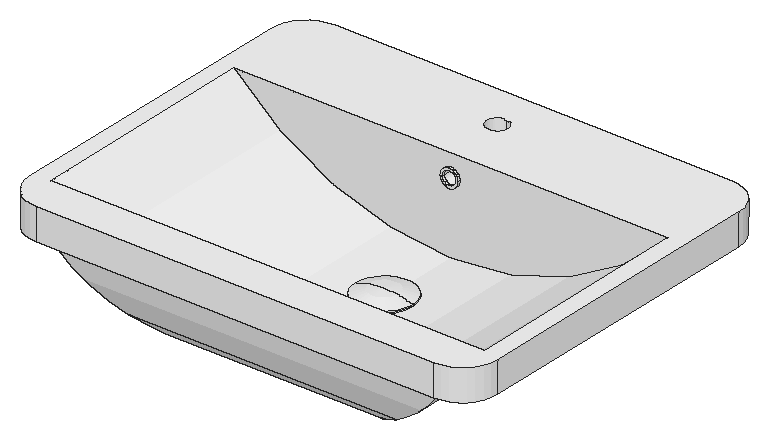
Revit family "Plum Fix_Sink_Argent_Zen drop-in 1th basin 520x410mm", category Plumbing Fixtures, Revit 2016
Family settings
  Part Type = Normal
  Round Connector Dimension = Use Diameter
  OmniClass Number = 23.45.05.14.14
  OmniClass Title = Sinks/Lavatories
  Work Plane-Based = No
  Always vertical = Yes
  Cut with Voids When Loaded = Yes
  Shared = No
  Room Calculation Point = No
Parameters (values of type "1 Tap Hole")
  Waste Connection = yes
  WFU = 0
  Vent Connection = no
  URL = "https://www.argentaust.com.au/"
  Type Comments = "1 Tap Hole"
  ModifiedIssue_ANZRS = 20190503
  Model = "FC17TUL01"
  Manufacturer_URL__Product Specific = "https://www.argentaust.com.au/argent-basins-drop-in-zen-520-drop-in-basin?item=8537"
  Manufacturer_Spec Code = Model  # "FC17TUL01"
  Manufacturer_Overall Width = 525 mm  # constant formula
  Manufacturer_Overall Height = 170 mm  # constant formula
  Manufacturer_Overall Depth = 417 mm  # constant formula
  Manufacturer_Height From FFL [instance] = 900 mm
  Manufacturer = "Argent"  # constant formula
  Keynote = ""
  HWFU = 0
  HW Connection = no
  CreatedBy_ANZRS = "IGS BIM Solutions"  # constant formula
  CreatedByURL_ANZRS = "http://www.igsgroup.com.au"
  Description = "Zen Wall Basin 1 Tap Hole"
  Cost = 0
  CWFU = 0
  CW Connection = no
  Body Material = z_Argent_Ceramic White
  Assembly Code = ""
Reference planes
  plane 1 "Center (Front/Back)": y = -120
  plane 2 "Ref. Level": z = 0
  plane 3 "Front": y = -328.5
  plane 4 "Back": y = 88.5
  plane 5 "Center of Basin": x = -4.48
  plane 6 "Left": x = -266.98
  plane 7 "Right": x = 258.02
  plane 8 "Bottom": z = 765
  plane 9 "Top": z = 935
  plane 10 "Mixer Centre": y = -26.5
  plane 11 "Left Offset": x = -237.98
  plane 12: x = 229.02
  plane 13 "Front Offset": y = -299.5
  plane 14 "Drain Top": z = 840.799
  plane 15 "Bench": z = 900
Forms (mm)
  Sweep 1, solid, material "z_Argent_Ceramic White" <- "Body Material"
    path origin (0, 0, 935) x (0, -1, 0) y (1, 0, 0)
      loop
        arc (-88.5, -226.98) -> (-76.784, -255.264) -> (-48.5, -266.98) r 40
        line (-48.5, -266.98) -> (288.5, -266.98)
        arc (288.5, -266.98) -> (316.784, -255.264) -> (328.5, -226.98) r 40
        line (328.5, -226.98) -> (328.5, 218.02)
        arc (328.5, 218.02) -> (316.784, 246.304) -> (288.5, 258.02) r 40
        line (288.5, 258.02) -> (-48.5, 258.02)
        arc (-48.5, 258.02) -> (-76.784, 246.304) -> (-88.5, 218.02) r 40
        line (-88.5, 218.02) -> (-88.5, -226.98)
    profile origin (-4.48, 88.5, 935) x (0, 1, 0) y (0, 0, 1)
      loop
        line (0, -35) -> (0, 0) -> (-15.988, 0) -> (-15.988, -10) -> (-10, -10) -> (-10, -35) -> (0, -35)
  Extrusion 2, solid, material "z_Argent_Ceramic White" <- "Body Material"
    sketch origin (0, -47.5, 0) x (1, 0, 0) y (0, 0, 1)
      loop
        line (-250.992, 935) -> (-250.992, 900) -> (242.032, 900) -> (242.032, 935) -> (-250.992, 935)
    from -120.012 to -21
  Extrusion 3, solid, material "z_Argent_Ceramic White" <- "Body Material"
    sketch origin (-266.98, 107.935, 4000) x (0, 1, 0) y (0, 0, 1)
      loop
        line (-77.05, -3065) -> (-421.84, -3065)
        arc (-421.84, -3065) -> (-388.855, -3177.697) -> (-286.36, -3235) r 155.135
        arc (-286.36, -3235) -> (-191.68, -3232.204) -> (-116.184, -3174.998) r 155.515
        arc (-116.184, -3174.998) -> (-88.474, -3122.896) -> (-77.05, -3065) r 201.459
    from 15.988 to 509.012
  Extrusion 4, void
    sketch origin (0, -328.5, 0) x (-1, 0, 0) y (0, 0, -1)
      loop
        arc (300.815, -1009.699) -> (4.48, -829.836) -> (-291.855, -1009.699) r 334.047
        line (-291.855, -1009.699) -> (300.815, -1009.699)
    from -302 to -44.655
  Extrusion 5, void
    sketch origin (0, 0, 935) x (0, -1, 0) y (1, 0, 0)
      loop
        circle (120, -4.48) r 30
    from -245.246 to 74.699
  Extrusion 6, solid, material "z_Argent_Ceramic White" <- "Body Material"
    sketch origin (0, -26.5, 0) x (-1, 0, 0) y (0, 0, -1)
      loop
        circle (4.48, -910.945) r 10
      loop
        circle (4.48, -910.945) r 7.812
    from 0 to 2.5
  Extrusion 7, void
    sketch origin (0, 4.375, 935) x (0, -1, 0) y (1, 0, 0)
      loop
        circle (-34.125, -4.48) r 12
    from 0 to -35
  Extrusion 8, void
    sketch origin (0, -328.5, 0) x (-1, 0, 0) y (0, 0, -1)
      loop
        line (240.124, -900) -> (285.992, -900) -> (285.992, -730) -> (-272.032, -730) -> (-272.032, -900) -> (-231.164, -900)
        arc (-231.164, -900) -> (-218.486, -897.145) -> (-208.254, -889.132) r 29.581
        arc (-208.254, -889.132) -> (-134.383, -830.262) -> (-42.785, -807.184) r 223.394
        arc (-42.785, -807.184) -> (-36.501, -804.683) -> (-33.246, -798.754) r 10
        line (-33.246, -798.754) -> (42.206, -798.754)
        arc (42.206, -798.754) -> (45.461, -804.683) -> (51.745, -807.184) r 10
        arc (51.745, -807.184) -> (143.343, -830.262) -> (217.214, -889.132) r 223.394
        arc (217.214, -889.132) -> (227.446, -897.145) -> (240.124, -900) r 29.581
    from -379.765 to 68.259
  Extrusion 9, void
    sketch origin (-266.98, 107.935, 4000) x (0, 1, 0) y (0, 0, 1)
      loop
        line (-19.435, -3100) -> (-81.825, -3100)
        arc (-81.825, -3100) -> (-88.749, -3123.666) -> (-98.513, -3146.309) r 201.459
        arc (-98.513, -3146.309) -> (-134.572, -3185.89) -> (-185.865, -3201.246) r 100.178
        line (-185.865, -3201.246) -> (-331.496, -3201.246)
        arc (-331.496, -3201.246) -> (-368.942, -3189.343) -> (-398.76, -3163.756) r 98.54
        arc (-398.76, -3163.756) -> (-413.651, -3133.134) -> (-421.502, -3100) r 155.135
        line (-421.502, -3100) -> (-436.435, -3100) -> (-436.435, -3230) -> (-19.435, -3230) -> (-19.435, -3100)
    from -19.388 to 573.935
  Extrusion 10, void
    sketch origin (0, -47.5, 0) x (1, 0, 0) y (0, 0, 1)
      loop
        circle (-4.48, 910.945) r 7.812
    from -73.61 to -1.906
  Extrusion 11, void
    sketch origin (-189.564, -1524, 765) x (-1, 0, 0) y (0, -1, 0)
      loop
        arc (37.416, -1602.5) -> (58.629, -1593.713) -> (67.416, -1572.5) r 30
        line (67.416, -1572.5) -> (67.416, -1235.5)
        arc (67.416, -1235.5) -> (58.629, -1214.287) -> (37.416, -1205.5) r 30
        line (37.416, -1205.5) -> (-407.584, -1205.5)
        arc (-407.584, -1205.5) -> (-428.797, -1214.287) -> (-437.584, -1235.5) r 30
        line (-437.584, -1235.5) -> (-437.584, -1572.5)
        arc (-437.584, -1572.5) -> (-428.797, -1593.713) -> (-407.584, -1602.5) r 30
        line (-407.584, -1602.5) -> (37.416, -1602.5)
    from 0 to 250
Cuts and joins
  Extrusion 4, Extrusion 7, Extrusion 10 cuts Sweep 1
  Extrusion 4, Extrusion 7, Extrusion 10 cuts Extrusion 2
  Extrusion 4, Extrusion 5, Extrusion 7, Extrusion 8, Extrusion 9, Extrusion 10 cuts Extrusion 3
  joined: Sweep 1, Extrusion 2, Extrusion 3
  Extrusion 10 cuts Extrusion 6
Lines and regions (mm)
  Masking region 1
    outline origin (0, 0, 935) x (0, -1, 0) y (1, 0, 0)
      loop
        arc (-88.5, -226.98) -> (-76.784, -255.264) -> (-48.5, -266.98) r 40
        line (-48.5, -266.98) -> (288.5, -266.98)
        arc (288.5, -266.98) -> (316.784, -255.264) -> (328.5, -226.98) r 40
        line (328.5, -226.98) -> (328.5, 218.02)
        arc (328.5, 218.02) -> (316.784, 246.304) -> (288.5, 258.02) r 40
        line (288.5, 258.02) -> (-48.5, 258.02)
        arc (-48.5, 258.02) -> (-76.784, 246.304) -> (-88.5, 218.02) r 40
        line (-88.5, 218.02) -> (-88.5, -226.98)
  Masking region 2
    outline origin (0, -328.5, 0) x (-1, 0, 0) y (0, 0, 1)
      loop
        line (266.98, 935) -> (-258.02, 935) -> (-258.02, 900) -> (-231.164, 900)
        arc (-231.164, 900) -> (-218.486, 897.145) -> (-208.254, 889.132) r 29.581
        arc (-208.254, 889.132) -> (-134.383, 830.262) -> (-42.785, 807.184) r 223.394
        arc (-42.785, 807.184) -> (-36.501, 804.683) -> (-33.246, 798.754) r 10
        line (-33.246, 798.754) -> (42.206, 798.754)
        arc (42.206, 798.754) -> (45.461, 804.683) -> (51.745, 807.184) r 10
        arc (51.745, 807.184) -> (143.343, 830.262) -> (217.214, 889.132) r 223.394
        arc (217.214, 889.132) -> (227.446, 897.145) -> (240.124, 900) r 29.581
        line (240.124, 900) -> (266.98, 900) -> (266.98, 935)
  Masking region 3
    outline origin (-266.98, 107.935, 4000) x (0, 1, 0) y (0, 0, 1)
      loop
        line (-436.435, -3100) -> (-421.502, -3100)
        arc (-421.502, -3100) -> (-413.651, -3133.134) -> (-398.76, -3163.756) r 155.135
        arc (-398.76, -3163.756) -> (-368.942, -3189.343) -> (-331.496, -3201.246) r 98.54
        line (-331.496, -3201.246) -> (-259.685, -3201.246) -> (-259.685, -3243.154) -> (-196.185, -3243.154) -> (-196.185, -3201.266) -> (-187.904, -3201.266)
        arc (-187.904, -3201.266) -> (-135.437, -3186.428) -> (-98.513, -3146.309) r 100.178
        arc (-98.513, -3146.309) -> (-88.749, -3123.666) -> (-81.825, -3100) r 201.459
        line (-81.825, -3100) -> (-19.435, -3100) -> (-19.435, -3065) -> (-436.435, -3065) -> (-436.435, -3100)
  symbolic lines, style "Sinks/Lavatories", detail levels medium+fine
    curve 1: line (-237.98, -37.5, 935) -> (-237.98, -288.5, 935)
    curve 2: line (-226.98, -299.5, 935) -> (218.02, -299.5, 935)
    curve 3: line (229.02, -288.5, 935) -> (229.02, -37.5, 935)
    curve 4: arc (218.02, -299.5, 935) -> (225.798, -296.278, 935) -> (229.02, -288.5, 935) r 11
    curve 5: arc (-237.98, -288.5, 935) -> (-234.758, -296.278, 935) -> (-226.98, -299.5, 935) r 11
    curve 6: line (-226.98, -26.5, 935) -> (218.02, -26.5, 935)
    curve 7: arc (218.02, -26.5, 935) -> (225.798, -29.722, 935) -> (229.02, -37.5, 935) r 11
    curve 8: arc (-237.98, -37.5, 935) -> (-234.758, -29.722, 935) -> (-226.98, -26.5, 935) r 11
    curve 13: line (-36.23, -328.5, 798.754) -> (27.27, -328.5, 798.754)
    curve 14: line (-266.98, 26.11, 900) -> (-266.98, -313.567, 900)
  symbolic lines, style "Sinks/Lavatories", detail levels fine
    curve 9: circle (-4.48, -120, 935) r 21.75 normal (0, 0, 1)
    curve 10: arc (-4.48, 50.5, 935) -> (-16.48, 38.5, 935) -> (-4.48, 26.5, 935) r 12
    curve 11: arc (-4.48, 26.5, 935) -> (7.52, 38.5, 935) -> (-4.48, 50.5, 935) r 12
    curve 12: line (-240.124, -328.5, 900) -> (231.164, -328.5, 900)
    curve 15: line (-266.98, -88.25, 798.734) -> (-266.98, -151.75, 798.754)
Text (mm)
  text "Disclaimer:\n\nDue to ongoing product development and manufacturing evolution, product details are subject to change without notice. Please refer to product technical data sheets on the manufacturer’s website for the most current product information. Please allow a +/- 5mm manufacturing tolerance for dimensions and set-outs shown in product literature." at (512.294, 49.919, 0), in view "Ref. Level_Instruction"
Dimensions and locks
  equal spacing: plane 3 "Front", plane 1 "Center (Front/Back)", plane 4 "Back"
  equal spacing: plane 6 "Left", plane 5 "Center of Basin", plane 7 "Right"
  "Manufacturer_Overall Depth": plane 3 "Front" to plane 4 "Back"
  "Manufacturer_Overall Width": plane 6 "Left" to plane 7 "Right"
  "Manufacturer_Overall Height": plane 9 "Top" to plane 8 "Bottom"
  plane 10 "Mixer Centre" to plane 4 "Back" = 115 mm
  "Manufacturer_Height From FFL": plane 15 "Bench" to plane 2 "Ref. Level"
  plane 9 "Top" to plane 8 "Bottom" = 170 mm
  plane 11 "Left Offset" to plane 12 = 467 mm
  Extrusion 7 sketch curve to plane 4 "Back" = 50 mm
  locked: plane 14 "Drain Top" to plane 9 "Top" at 94.201
  locked: plane 9 "Top" to plane 15 "Bench" at 35
  diameter of Extrusion 5 sketch curve = 60 mm
  aligned and locked: Sweep 1 sketch curve to plane 4 "Back"
  aligned and locked: plane 9 "Top" to Sweep 1 sketch curve
  aligned and locked: Extrusion 2 sketch curve to Sweep 1
  aligned and locked: plane 9 "Top" to Extrusion 3 sketch curve
  aligned and locked: plane 4 "Back" to Masking region 1 sketch curve
  aligned and locked: Masking region 1 sketch curve to plane 6 "Left"
  aligned and locked: plane 3 "Front" to Masking region 1 sketch curve
  aligned and locked: plane 7 "Right" to Masking region 1 sketch curve
  aligned and locked: Sweep 1 sketch curve to Masking region 1  (x4)
  aligned and locked: curve 10 to cut or joined group 1 (Sweep 1, Extrusion 2, Extrusion 3, Extrusion 4, Extrusion 5, Extrusion 7, Extrusion 8, Extrusion 9, Extrusion 10)
  aligned and locked: curve 11 to cut or joined group 1
  aligned and locked: Masking region 2 sketch curve to plane 9 "Top"
  aligned and locked: Masking region 2 sketch curve to cut or joined group 1
  aligned and locked: plane 7 "Right" to Masking region 2 sketch curve
  aligned and locked: Masking region 2 sketch curve to plane 6 "Left"
  aligned and locked: Masking region 3 sketch curve to cut or joined group 1  (x3)
  aligned and locked: Masking region 3 sketch curve to plane 4 "Back"
  aligned and locked: Masking region 3 sketch curve to plane 3 "Front"
  aligned and locked: plane 1 "Center (Front/Back)" to nested 1
  aligned and locked: plane 5 "Center of Basin" to nested 1
  aligned and locked: plane 14 "Drain Top" to nested 1
Automatic sketch dimensions
  Extrusion 2 sketch curve to plane 11 "Left Offset" = 13.012 mm
  Extrusion 2 sketch curve to plane 12 = 13.012 mm
  profile plane to Sweep 1 sketch curve = 10 mm
  Sweep 1 sketch curve to Sweep 1 sketch curve = 5.988 mm
  Sweep 1 sketch curve to plane 9 "Top" = 10 mm
  plane 12 to Extrusion 4 sketch curve = 62.835 mm
  plane 11 "Left Offset" to Extrusion 4 sketch curve = 62.835 mm
  Extrusion 4 sketch curve to plane 9 "Top" = 228.883 mm
  Extrusion 4 sketch curve to plane 9 "Top" = 74.699 mm
  Extrusion 6 sketch curve to Extrusion 6 sketch curve = 0 mm  (x2)
  Extrusion 4 to Extrusion 6 sketch curve = 98.754 mm
  Extrusion 7 sketch curve to plane 5 "Center of Basin" = 0 mm
  plane 4 "Back" to Masking region 1 sketch curve = 40 mm  (x2)
  Masking region 1 sketch curve to plane 13 "Front Offset" = 11 mm  (x2)
  plane 10 "Mixer Centre" to curve 6 = 0 mm
  curve 1 to plane 11 "Left Offset" = 0 mm
  curve 7 to plane 12 = 0 mm
  plane 1 "Center (Front/Back)" to curve 9 = 0 mm
  plane 13 "Front Offset" to curve 4 = 0 mm
  curve 9 to plane 5 "Center of Basin" = 0 mm
  curve 8 to curve 8 = 11 mm
  curve 7 to curve 7 = 11 mm
  curve 5 to curve 5 = 11 mm
  curve 4 to curve 4 = 11 mm
  Sweep 1 sketch curve to Sweep 1 sketch curve = 25 mm
  Extrusion 2 sketch curve to Extrusion 2 sketch curve = 35 mm
  plane 1 "Center (Front/Back)" to Extrusion 5 sketch curve = 0 mm
  Extrusion 5 sketch curve to plane 5 "Center of Basin" = 0 mm
  plane 7 "Right" to Extrusion 8 sketch curve = 14.012 mm
  plane 12 to Extrusion 8 sketch curve = 2.144 mm
  Extrusion 8 sketch curve to plane 5 "Center of Basin" = 47.603 mm
  Extrusion 8 sketch curve to plane 5 "Center of Basin" = 39.72 mm
  plane 5 "Center of Basin" to Extrusion 8 sketch curve = 39.72 mm
  Extrusion 8 sketch curve to Extrusion 8 sketch curve = 9.877 mm  (x2)
  plane 11 "Left Offset" to Extrusion 8 sketch curve = 2.144 mm
  plane 6 "Left" to Extrusion 8 sketch curve = 19.012 mm
  Extrusion 8 sketch curve to plane 8 "Bottom" = 32.19 mm  (x2)
  plane 9 "Top" to Extrusion 8 sketch curve = 35 mm  (x2)
  Extrusion 8 sketch curve to plane 9 "Top" = 95.451 mm
  Extrusion 8 sketch curve to Extrusion 8 sketch curve = 0 mm  (x3)
  plane 5 "Center of Basin" to Extrusion 8 sketch curve = 37.726 mm
  Extrusion 8 sketch curve to Extrusion 8 sketch curve = 1.564 mm
  plane 8 "Bottom" to Extrusion 8 sketch curve = 35 mm
  Extrusion 3 sketch curve to plane 8 "Bottom" = 0 mm
  plane 13 "Front Offset" to Extrusion 3 sketch curve = 14.405 mm
  plane 9 "Top" to Extrusion 3 sketch curve = 9.631 mm
  plane 1 "Center (Front/Back)" to Extrusion 3 sketch curve = 50.344 mm
  Extrusion 3 sketch curve to plane 9 "Top" = 16.012 mm
  plane 1 "Center (Front/Back)" to Extrusion 3 sketch curve = 15.457 mm
  Extrusion 3 sketch curve to plane 9 "Top" = 20.539 mm
  Extrusion 3 sketch curve to plane 10 "Mixer Centre" = 18.251 mm
  Masking region 2 sketch curve to plane 12 = 2.144 mm
  plane 5 "Center of Basin" to Masking region 2 sketch curve = 39.72 mm
  Masking region 2 sketch curve to plane 5 "Center of Basin" = 39.72 mm
  Masking region 2 sketch curve to Masking region 2 sketch curve = 9.877 mm  (x2)
  Masking region 2 sketch curve to plane 11 "Left Offset" = 2.144 mm
  plane 8 "Bottom" to Masking region 2 sketch curve = 32.19 mm  (x2)
  Masking region 2 sketch curve to Masking region 2 sketch curve = 1.564 mm
  Masking region 2 sketch curve to Masking region 2 sketch curve = 29.581 mm  (x2)
  Masking region 2 sketch curve to Masking region 2 sketch curve = 0 mm  (x4)
  plane 12 to curve 12 = 2.144 mm
  curve 13 to plane 8 "Bottom" = 33.754 mm
  curve 13 to plane 5 "Center of Basin" = 31.75 mm
  plane 5 "Center of Basin" to curve 13 = 31.75 mm
  plane 11 "Left Offset" to curve 12 = 2.144 mm
  plane 9 "Top" to curve 12 = 35 mm
  Extrusion 9 sketch curve to plane 3 "Front" = 0 mm
  Extrusion 9 sketch curve to plane 4 "Back" = 0 mm
  plane 13 "Front Offset" to Extrusion 9 sketch curve = 14.067 mm
  plane 8 "Bottom" to Extrusion 9 sketch curve = 33.754 mm
  Extrusion 9 sketch curve to plane 13 "Front Offset" = 75.939 mm
  Extrusion 9 sketch curve to plane 9 "Top" = 38.27 mm
  plane 1 "Center (Front/Back)" to Extrusion 9 sketch curve = 93.033 mm
  plane 9 "Top" to Extrusion 9 sketch curve = 9.631 mm
  Extrusion 9 sketch curve to plane 9 "Top" = 16.012 mm
  Extrusion 9 sketch curve to Extrusion 9 sketch curve = 10.745 mm
  plane 8 "Bottom" to Extrusion 9 sketch curve = 5 mm
  Extrusion 9 sketch curve to plane 9 "Top" = 36.088 mm
  Extrusion 9 sketch curve to plane 9 "Top" = 35 mm  (x2)
  Extrusion 9 sketch curve to plane 1 "Center (Front/Back)" = 42.07 mm
  Extrusion 9 sketch curve to plane 10 "Mixer Centre" = 35.922 mm
  Extrusion 9 sketch curve to Extrusion 9 sketch curve = 0 mm
  plane 9 "Top" to Masking region 3 sketch curve = 9.631 mm
  Masking region 3 sketch curve to Masking region 3 sketch curve = 10.745 mm
  plane 8 "Bottom" to Masking region 3 sketch curve = 33.734 mm
  Masking region 3 sketch curve to plane 9 "Top" = 35 mm
  Masking region 3 sketch curve to Masking region 3 sketch curve = 0 mm
  Masking region 3 sketch curve to Masking region 3 sketch curve = 8.281 mm
  Masking region 3 sketch curve to Masking region 3 sketch curve = 16.687 mm
  Masking region 3 sketch curve to plane 9 "Top" = 38.27 mm
  plane 8 "Bottom" to Masking region 3 sketch curve = 33.754 mm
  Masking region 3 sketch curve to Masking region 3 sketch curve = 71.811 mm
  plane 13 "Front Offset" to curve 14 = 14.067 mm
  plane 8 "Bottom" to curve 15 = 33.734 mm
  plane 1 "Center (Front/Back)" to curve 15 = 31.75 mm
  curve 15 to plane 1 "Center (Front/Back)" = 31.75 mm
  curve 14 to plane 10 "Mixer Centre" = 52.61 mm
  plane 8 "Bottom" to curve 15 = 33.754 mm
  curve 14 to plane 9 "Top" = 35 mm
  Extrusion 10 sketch curve to plane 5 "Center of Basin" = 0 mm
  Extrusion 10 sketch curve to plane 9 "Top" = 24.055 mm
  plane 5 "Center of Basin" to Masking region 2 sketch curve = 47.603 mm
  Masking region 2 sketch curve to plane 5 "Center of Basin" = 37.726 mm
  Masking region 3 sketch curve to plane 8 "Bottom" = 8.154 mm
  Masking region 3 sketch curve to plane 13 "Front Offset" = 75.939 mm
  Masking region 3 sketch curve to plane 1 "Center (Front/Back)" = 31.75 mm
  Extrusion 3 sketch curve to Extrusion 3 sketch curve = 24.142 mm
  plane 14 "Drain Top" to Masking region 2 sketch curve = 29.62 mm
  Masking region 3 sketch curve to Masking region 3 sketch curve = 53.434 mm
  Extrusion 8 sketch curve to Extrusion 8 sketch curve = 29.581 mm  (x2)
  plane 1 "Center (Front/Back)" to Extrusion 9 sketch curve = 50.344 mm
  plane 7 "Right" to Extrusion 11 sketch curve = 10 mm
  Extrusion 11 sketch curve to plane 3 "Front" = 10 mm
  plane 4 "Back" to Extrusion 11 sketch curve = 10 mm
  plane 6 "Left" to Extrusion 11 sketch curve = 10 mm
  plane 12 to Extrusion 11 sketch curve = 11 mm  (x2)
  plane 11 "Left Offset" to Extrusion 11 sketch curve = 11 mm  (x2)
  radius of Extrusion 6 sketch curve = 10 mm
  radius of Extrusion 6 sketch curve = 7.812 mm
  radius of Extrusion 7 sketch curve = 12 mm
  radius of curve 9 = 21.75 mm
  radius of Extrusion 10 sketch curve = 7.812 mm
Nested families
  nested 1: "z.PlumFix_Waste_32mm Pop-up" at (0, -180.75, 833.799), type "Chrome"
    with Manufacturer_Height From FFL 0 mm
Connectors
  piping at (-4.48, -120, 764.999), diameter 32, driven by "Waste Connection"
    settings: on nested 1, index 1, connector inside diameter 609.6 mm, connector length 0 mm, flow factor 0, pipe flow 0.000 L/s, pressure drop 0.0 Pa, fitting loss kfactor 0, connector angle 0.00°, fixture units 0, engagement length 0 mm, angle of deflection 0.00°, flow configuration 2, flow direction 2, fitting loss method 4, system type 16, joint type 0, gender type 0, connector reference index -1, connector utility 1, adjustable connector no, is connector primary yes, connector description "Waste Outlet"
Definition of nested family "z.PlumFix_Waste_32mm Pop-up"
  Parameters (values of type "Chrome")
    Waste Connection = yes
    WFU = 0
    Vent Connection = no
    URL = "https://www.argentaust.com.au/"
    Type Comments = ""
    ModifiedIssue_ANZRS = 20180826
    Model = ""
    Manufacturer_Overall Width = 63.5 mm  # constant formula
    Manufacturer_Overall Height = 130 mm  # constant formula
    Manufacturer_Overall Depth = 63.5 mm  # constant formula
    Manufacturer_Height From FFL [instance] = 0 mm
    Manufacturer = "Argent"  # constant formula
    Keynote = ""
    HWFU = 0
    HW Connection = no
    CreatedBy_ANZRS = "IGS BIM Solutions"  # constant formula
    CreatedByURL_ANZRS = "https://www.igsgroup.com.au"
    Description = ""
    Cost = 0
    CWFU = 0
    CW Connection = yes
    Body Material = none
    Assembly Code = ""
  Reference planes
    plane 1 "Center (Front/Back)": y = 60.75
    plane 2 "Ref. Level": z = 0
    plane 3 "Front": y = 29
    plane 4 "Back": y = 92.5
    plane 5 "Center (Left/Right)": x = -4.48
    plane 6 "Left": x = -36.23
    plane 7 "Right": x = 27.27
    plane 8 "Top Offset": z = 0
    plane 9 "Top": z = 7
    plane 10 "Bottom": z = -123
    plane 11: y = 60.75
  Forms (mm)
    Revolve 1, solid, material <- "Body Material"
      sketch origin (0, 60.75, 0) x (1, 0, 0) y (0, 0, 1)
        loop
          line (-4.48, -123) -> (-4.48, 7)
          arc (-4.48, 7) -> (-20.634, 5.492) -> (-36.23, 1.02) r 87.27
          line (-36.23, 1.02) -> (-36.23, 0) -> (-20.48, 0) -> (-20.48, -8) -> (-34.48, -8) -> (-34.48, -16) -> (-24.48, -16) -> (-24.48, -23) -> (-34.48, -23) -> (-34.48, -32) -> (-29.48, -32) -> (-29.48, -56.8) -> (-20.48, -56.8) -> (-20.48, -68.8) -> (-7.48, -68.8) -> (-7.48, -123) -> (-4.48, -123)
        axis (-4.48, -123) -> (-4.48, 7)
      angle from 0 to 360
  Lines and regions (mm)
    Masking region 1
      outline origin (0, 0, 7) x (0, -1, 0) y (1, 0, 0)
        loop
          circle (-60.75, -4.48) r 31.75
    Masking region 2
      outline origin (-4.48, 0, 0) x (0, 1, 0) y (0, 0, 1)
        loop
          line (85.75, -56.8) -> (85.75, -32) -> (90.75, -32) -> (90.75, -23) -> (80.75, -23) -> (80.75, -16) -> (90.75, -16) -> (90.75, -8) -> (76.75, -8) -> (76.75, 0) -> (92.5, 0) -> (92.5, 1.02)
          arc (92.5, 1.02) -> (60.75, 7) -> (29, 1.02) r 87.27
          line (29, 1.02) -> (29, 0) -> (44.75, 0) -> (44.75, -8) -> (30.75, -8) -> (30.75, -16) -> (40.75, -16) -> (40.75, -23) -> (30.75, -23) -> (30.75, -32) -> (35.75, -32) -> (35.75, -56.8) -> (44.75, -56.8) -> (44.75, -68.8) -> (57.75, -68.8) -> (57.75, -123) -> (63.75, -123) -> (63.75, -68.8) -> (76.75, -68.8) -> (76.75, -56.8) -> (85.75, -56.8)
    Masking region 3
      outline origin (0, 29, 0) x (-1, 0, 0) y (0, 0, 1)
        loop
          line (20.48, -56.8) -> (29.48, -56.8) -> (29.48, -32) -> (34.48, -32) -> (34.48, -23) -> (24.48, -23) -> (24.48, -16) -> (34.48, -16) -> (34.48, -8) -> (20.48, -8) -> (20.48, 0) -> (36.23, 0) -> (36.23, 1.02)
          arc (36.23, 1.02) -> (4.48, 7) -> (-27.27, 1.02) r 87.27
          line (-27.27, 1.02) -> (-27.27, 0) -> (-11.52, 0) -> (-11.52, -8) -> (-25.52, -8) -> (-25.52, -16) -> (-15.52, -16) -> (-15.52, -23) -> (-25.52, -23) -> (-25.52, -32) -> (-20.52, -32) -> (-20.52, -56.8) -> (-11.52, -56.8) -> (-11.52, -68.8) -> (1.48, -68.8) -> (1.48, -123) -> (7.48, -123) -> (7.48, -68.8) -> (20.48, -68.8) -> (20.48, -56.8)
    symbolic lines, detail levels medium+fine
      curve 1: line (-20.48, 29, -56.8) -> (11.52, 29, -56.8)
      curve 2: line (-29.48, 29, -32) -> (20.52, 29, -32)
      curve 3: line (-24.48, 29, -23) -> (15.52, 29, -23)
      curve 4: line (-24.48, 29, -16) -> (15.52, 29, -16)
      curve 5: line (-20.48, 29, -8) -> (11.52, 29, -8)
      curve 6: line (-7.48, 29, -68.8) -> (-1.48, 29, -68.8)
      curve 7: line (-36.23, 76.75, -8) -> (-36.23, 44.75, -8)
      curve 8: line (-36.23, 80.75, -16) -> (-36.23, 40.75, -16)
      curve 9: line (-36.23, 80.75, -23) -> (-36.23, 40.75, -23)
      curve 10: line (-36.23, 85.75, -32) -> (-36.23, 35.75, -32)
      curve 11: line (-36.23, 76.75, -56.8) -> (-36.23, 44.75, -56.8)
      curve 12: line (-36.23, 63.75, -68.8) -> (-36.23, 57.75, -68.8)
  Text (mm)
    text "Disclaimer:\n\nDue to ongoing product development and manufacturing evolution, product details are subject to change without notice. Please refer to product technical data sheets on the manufacturer’s website for the most current product information. Please allow a +/- 5mm manufacturing tolerance for dimensions and set-outs shown in product literature." at (200.434, 226.107, 0), in view "Ref. Level_Instruction"
  Dimensions and locks
    equal spacing: plane 3 "Front", plane 1 "Center (Front/Back)", plane 4 "Back"
    equal spacing: plane 6 "Left", plane 5 "Center (Left/Right)", plane 7 "Right"
    "Manufacturer_Overall Depth": plane 3 "Front" to plane 4 "Back"
    "Manufacturer_Overall Width": plane 6 "Left" to plane 7 "Right"
    "Manufacturer_Height From FFL": plane 8 "Top Offset" to plane 2 "Ref. Level"
    locked: plane 9 "Top" to plane 8 "Top Offset" at 7
    "Manufacturer_Overall Height": plane 9 "Top" to plane 10 "Bottom"
    aligned and locked: plane 6 "Left" to Revolve 1 sketch curve
  Automatic sketch dimensions
    Masking region 1 sketch curve to Masking region 1 sketch curve = 0 mm  (x2)
    plane 1 "Center (Front/Back)" to Masking region 1 sketch curve = 0 mm
    Masking region 1 sketch curve to plane 6 "Left" = 0 mm
    Masking region 1 sketch curve to plane 5 "Center (Left/Right)" = 0 mm
    curve 6 to plane 5 "Center (Left/Right)" = 3 mm
    plane 5 "Center (Left/Right)" to curve 1 = 16 mm
    curve 5 to plane 6 "Left" = 15.75 mm
    curve 3 to plane 6 "Left" = 11.75 mm
    curve 2 to plane 6 "Left" = 6.75 mm
    plane 8 "Top Offset" to curve 5 = 8 mm
    curve 3 to curve 4 = 7 mm
    curve 1 to curve 2 = 24.8 mm
    plane 1 "Center (Front/Back)" to curve 12 = 3 mm
    curve 11 to plane 1 "Center (Front/Back)" = 16 mm
    plane 4 "Back" to curve 7 = 15.75 mm
    plane 4 "Back" to curve 9 = 11.75 mm
    plane 4 "Back" to curve 10 = 6.75 mm
    curve 7 to plane 8 "Top Offset" = 8 mm
    curve 9 to curve 8 = 7 mm
    curve 11 to curve 10 = 24.8 mm
    Revolve 1 sketch curve to level = 0 mm
    Revolve 1 sketch curve to plane 10 "Bottom" = 0 mm
    Revolve 1 sketch curve to plane 5 "Center (Left/Right)" = 0 mm  (x2)
    Revolve 1 sketch curve to plane 9 "Top" = 0 mm
    plane 6 "Left" to Revolve 1 sketch curve = 1.75 mm  (x2)
    plane 6 "Left" to Revolve 1 sketch curve = 6.75 mm
    Revolve 1 sketch curve to Revolve 1 sketch curve = 10 mm
    Revolve 1 sketch curve to Revolve 1 sketch curve = 9 mm  (x2)
    Revolve 1 sketch curve to Revolve 1 sketch curve = 4 mm
    Revolve 1 sketch curve to Revolve 1 sketch curve = 12 mm
    Revolve 1 sketch curve to Revolve 1 sketch curve = 24.8 mm
    Revolve 1 sketch curve to Revolve 1 sketch curve = 7 mm
    Revolve 1 sketch curve to level = 8 mm
    plane 9 "Top" to Revolve 1 sketch curve = 249.25 mm
    Revolve 1 sketch curve to Revolve 1 sketch curve = 180 mm
    Revolve 1 sketch curve to Revolve 1 sketch curve = 11.47 mm
    Revolve 1 sketch curve to Revolve 1 sketch curve = 3 mm
    Revolve 1 sketch curve to Revolve 1 sketch curve = 42.73 mm
    Masking region 3 sketch curve to level = 0 mm  (x2)
    plane 7 "Right" to Masking region 3 sketch curve = 0 mm
    Masking region 3 sketch curve to plane 10 "Bottom" = 0 mm
    Masking region 3 sketch curve to plane 5 "Center (Left/Right)" = 0 mm
    Masking region 3 sketch curve to plane 6 "Left" = 0 mm
    plane 7 "Right" to Masking region 3 sketch curve = 1.75 mm  (x2)
    Masking region 3 sketch curve to Masking region 3 sketch curve = 5 mm
    Masking region 3 sketch curve to Masking region 3 sketch curve = 10 mm
    Masking region 3 sketch curve to Masking region 3 sketch curve = 4 mm  (x2)
    Masking region 3 sketch curve to Masking region 3 sketch curve = 9 mm  (x3)
    plane 5 "Center (Left/Right)" to Masking region 3 sketch curve = 3 mm
    Masking region 3 sketch curve to plane 5 "Center (Left/Right)" = 3 mm
    Masking region 3 sketch curve to Masking region 3 sketch curve = 15.75 mm
    plane 6 "Left" to Masking region 3 sketch curve = 15.75 mm
    plane 6 "Left" to Masking region 3 sketch curve = 6.75 mm
    plane 6 "Left" to Masking region 3 sketch curve = 1.75 mm  (x2)
    plane 10 "Bottom" to Masking region 3 sketch curve = 42.73 mm
    Masking region 3 sketch curve to Masking region 3 sketch curve = 11.47 mm
    Masking region 3 sketch curve to Masking region 3 sketch curve = 0 mm
    Masking region 3 sketch curve to Masking region 3 sketch curve = 12 mm  (x2)
    Masking region 3 sketch curve to Masking region 3 sketch curve = 24.8 mm  (x2)
    Masking region 3 sketch curve to Masking region 3 sketch curve = 7 mm  (x2)
    Masking region 3 sketch curve to level = 8 mm  (x2)
    Masking region 3 sketch curve to Masking region 3 sketch curve = 1.02 mm
    curve 4 to curve 3 = 0 mm  (x2)
    curve 4 to curve 5 = 4 mm
    Masking region 2 sketch curve to level = 0 mm  (x2)
    Masking region 2 sketch curve to plane 3 "Front" = 0 mm
    Masking region 2 sketch curve to plane 10 "Bottom" = 0 mm
    Masking region 2 sketch curve to plane 1 "Center (Front/Back)" = 0 mm
    Masking region 2 sketch curve to plane 4 "Back" = 0 mm
    Masking region 2 sketch curve to plane 3 "Front" = 1.75 mm  (x2)
    Masking region 2 sketch curve to Masking region 2 sketch curve = 5 mm
    Masking region 2 sketch curve to Masking region 2 sketch curve = 10 mm
    Masking region 2 sketch curve to Masking region 2 sketch curve = 4 mm  (x2)
    Masking region 2 sketch curve to Masking region 2 sketch curve = 9 mm  (x3)
    plane 1 "Center (Front/Back)" to Masking region 2 sketch curve = 3 mm
    Masking region 2 sketch curve to plane 1 "Center (Front/Back)" = 3 mm
    plane 4 "Back" to Masking region 2 sketch curve = 15.75 mm  (x2)
    plane 4 "Back" to Masking region 2 sketch curve = 6.75 mm
    plane 4 "Back" to Masking region 2 sketch curve = 1.75 mm  (x2)
    plane 10 "Bottom" to Masking region 2 sketch curve = 42.73 mm
    Masking region 2 sketch curve to Masking region 2 sketch curve = 11.47 mm
    Masking region 2 sketch curve to Masking region 2 sketch curve = 0 mm
    Masking region 2 sketch curve to Masking region 2 sketch curve = 12 mm  (x2)
    Masking region 2 sketch curve to Masking region 2 sketch curve = 24.8 mm  (x2)
    Masking region 2 sketch curve to Masking region 2 sketch curve = 7 mm  (x2)
    Masking region 2 sketch curve to level = 8 mm  (x2)
    Masking region 2 sketch curve to Masking region 2 sketch curve = 1.02 mm
    curve 12 to plane 1 "Center (Front/Back)" = 3 mm
    curve 8 to curve 9 = 0 mm  (x2)
    curve 8 to curve 7 = 4 mm
    curve 11 to plane 3 "Front" = 15.75 mm
    curve 12 to curve 11 = 12 mm
    curve 8 to curve 7 = 8 mm
    curve 10 to plane 3 "Front" = 6.75 mm
    curve 10 to curve 9 = 5 mm
    curve 10 to curve 9 = 9 mm
    curve 4 to plane 7 "Right" = 11.75 mm
    curve 2 to curve 3 = 9 mm
    curve 2 to plane 7 "Right" = 6.75 mm
    curve 1 to plane 7 "Right" = 15.75 mm
    curve 6 to curve 1 = 12 mm
    plane 5 "Center (Left/Right)" to curve 6 = 3 mm
    curve 4 to curve 5 = 8 mm
